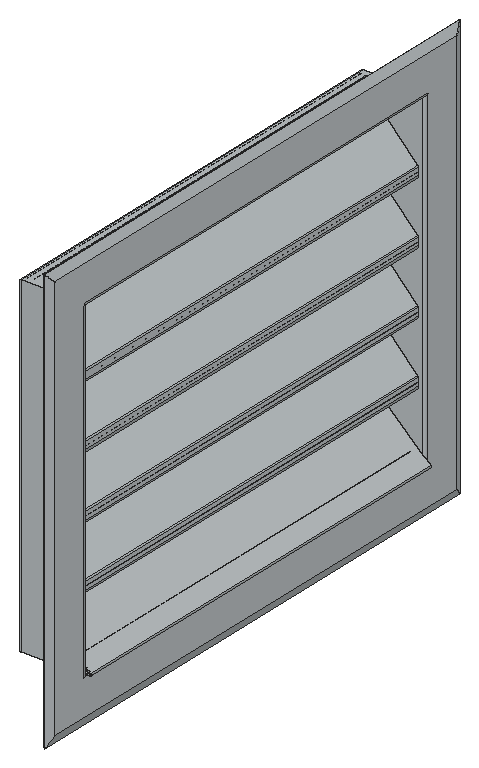
Revit family "NLRS_57_AIR_UN_steel_wheather_wall_louvre_bmxn_intake_LT_sacs", category Air Terminals, Revit 2022
Family settings
  Round Connector Dimension = Use Diameter
  Part Type = Normal
  OmniClass Number = 23.75.70.21.27.11
  OmniClass Title = Diffusers, Registers, and Grilles
  Work Plane-Based = No
  Always vertical = No
  Cut with Voids When Loaded = Yes
  Shared = No
  Room Calculation Point = Yes
Parameters (values of type "BMXNGO")
  Type Comments = ""
  SACS_c01_width [instance] = if(SACS_Allow_custom_size, if(not(SACS_Width > 4000.00 mm), roundup(SACS_Width / 5.00 mm) * 5.00 mm, 4000.00 mm), SACS_Price_Width)  # 425.00 mm
  SACS_c01_height [instance] = if(SACS_Allow_custom_size, if(not(SACS_Height > 2025.00 mm), if(not(SACS_Height < 205.00 mm), roundup(SACS_Height / 5.00 mm) * 5.00 mm, 205.00 mm), 2025.00 mm), SACS_Price_Height)  # 325.00 mm
  SACS_Z_Offset [instance] = (60.00 mm * (SACS_Index_Rows)) - 7.00 mm  # 233.00 mm
  SACS_Width [instance] = 425.00 mm
  SACS_Warning_Text_Sound [instance] = if(SACS_Warning_Sound, "Sound over requested value", " ")  # " "
  SACS_Warning_Text_Size [instance] = if(SACS_Warning_Size, if(SACS_Subindex = 3, "Unallowed size selected", "Special size: extra setup cost €46 per size, per order"), " ")  # " "
  SACS_Warning_Text_Ploss [instance] = if(SACS_Warning_Ploss, "Total Pressure loss over requested value", " ")  # " "
  SACS_Warning_Text_Other [instance] = if(and(not(SACS_Standard_RAL), not([Color option (0-4)] = 2)), "Colorchange € 157,-- per delivery and per color", " ")  # " "
  SACS_Warning_Text_Flow [instance] = if(SACS_Warning_Flow, "Air velocity over maximum advised value", " ")  # " "
  SACS_Warning_Sound [instance] = if(SACS_Lp_dBA > SACS_Max_Lp_dBA, 1 = 1, 1 = 0)  # no
  SACS_Warning_Size [instance] = SACS_Subindex > 1  # no
  SACS_Warning_Sign [instance] = if(and(not(SACS_Warning_Disabled), or(SACS_Warning_Flow, SACS_Warning_Ploss, SACS_Warning_Size, SACS_Warning_Sound)), 1 = 1, 1 = 0)  # no
  SACS_Warning_Ploss [instance] = if(NLRS_M_c01_drukverlies_statisch > SACS_Max_Ploss, 1 = 1, 1 = 0)  # no
  SACS_Warning_Flow [instance] = if(SACS_Air_Velocity > 2.5 m/s, 1 = 1, 1 = 0)  # no
  SACS_Warning_Disabled [instance] = no
  SACS_Type_Mark [instance] = ""
  SACS_Subindex [instance] = if(and(SACS_Width = SACS_Price_Width, SACS_Height = SACS_Price_Height), 0, if(and(SACS_Allow_custom_size, SACS_Width = SACS_c01_width, SACS_Height = SACS_c01_height), 1, if(SACS_Allow_custom_size, 2, 3)))  # 0
  SACS_Standard_RAL [instance] = [Color option (0-4)] < 1  # yes
  SACS_Size_Check [instance] = if(SACS_Subindex = 0, "Standard size", if(SACS_Subindex = 1, "Custom size", if(SACS_Subindex = 2, "Corrected custom size (allowed size steps are 5mm)", "Custom sizes are disabled!")))  # "Standard size"
  SACS_Show_Part_3 [instance] = (SACS_c01_height - 10.00 mm) = round((SACS_c01_height - 10.00 mm) / 60.00 mm) * 60.00 mm  # no
  SACS_Show_Part_2 [instance] = and(not(SACS_Show_Part_1), not(SACS_Show_Part_3), not((SACS_c01_height - 25.00 mm) = round((SACS_c01_height - 25.00 mm) / 60.00 mm) * 60.00 mm))  # no
  SACS_Show_Part_1 [instance] = (SACS_c01_height - 20.00 mm) = round((SACS_c01_height - 20.00 mm) / 60.00 mm) * 60.00 mm  # no
  SACS_Show_Arrow [instance] = yes
  SACS_Ps_Calculation [instance] = round(if(SACS_Air_Flow > 0.0 m³/h, (((SACS_Air_Flow / 3600.0 m³/h) / (SACS_Calculation_1 / 10000) / 0.54) ^ 2) * 0.6, 0) * 10) / 10  # 0
  SACS_Product_Cost [instance] = if(and(SACS_c01_width = SACS_Price_Width, SACS_c01_height = SACS_Price_Height), size_lookup(SACS_Data_Hidden, "Cost", 0, SACS_Base_Index * 1.00 mm, SACS_Price_Width, SACS_Price_Height), roundup(size_lookup(SACS_Data_Hidden, "Cost", 0, SACS_Base_Index * 1.00 mm, SACS_Price_Width, SACS_Price_Height) * 1.1))  # 121
  SACS_Price_Width [instance] = if(SACS_Width > 1825.00 mm, 2025.00 mm, if(SACS_Width > 1625.00 mm, 1825.00 mm, if(SACS_Width > 1425.00 mm, 1625.00 mm, if(SACS_Width > 1225.00 mm, 1425.00 mm, if(SACS_Width > 1025.00 mm, 1225.00 mm, if(SACS_Width > 825.00 mm, 1025.00 mm, if(SACS_Width > 625.00 mm, 825.00 mm, if(SACS_Width > 425.00 mm, 625.00 mm, 425.00 mm))))))))  # 425.00 mm
  SACS_Price_Height [instance] = if(SACS_Height > 1825.00 mm, 2025.00 mm, if(SACS_Height > 1625.00 mm, 1825.00 mm, if(SACS_Height > 1425.00 mm, 1625.00 mm, if(SACS_Height > 1225.00 mm, 1425.00 mm, if(SACS_Height > 1025.00 mm, 1225.00 mm, if(SACS_Height > 825.00 mm, 1025.00 mm, if(SACS_Height > 525.00 mm, 825.00 mm, if(SACS_Height > 325.00 mm, 525.00 mm, 325.00 mm))))))))  # 325.00 mm
  SACS_Price_Date [instance] = size_lookup(SACS_Data_Hidden, "Date", "NB", SACS_Base_Index * 1.00 mm, SACS_c01_width, SACS_c01_height)  # "1-4-2025"
  SACS_Option_5 [instance] = if([Color option (0-4)] < 3, SACS_Color, if(SACS_Non_Standard_RAL, "Custom RAL color", "Custom not RAL color"))  # "Sendzimir galvanised"
  SACS_Option_3 [instance] = if(or(SACS_Base_Index = 2, SACS_Base_Index = 4), "I = Mounting frame", "O = None")  # "O = None"
  SACS_Option_2 [instance] = if(SACS_Base_Index < 3, "G = Galvanised wire mesh", "S = Stainless steel wire mesh")  # "G = Galvanised wire mesh"
  SACS_Option_1 [instance] = "BMXN = With 45mm flange"  # constant formula
  SACS_Non_Standard_RAL [instance] = and([Color option (0-4)] > 0, [Color option (0-4)] < 4)  # no
  SACS_Model [instance] = if(or(SACS_Subindex = 1, SACS_Subindex = 2), size_lookup(SACS_Data_Hidden, "", "NB", SACS_Base_Index * 1.00 mm), size_lookup(SACS_Data_Hidden, "Model", "NB", SACS_Base_Index * 1.00 mm, SACS_c01_width, SACS_c01_height))  # "BMXNGO 425x325"
  SACS_Max_Ploss [instance] = 100.0 Pa
  SACS_Max_Lp_dBA [instance] = 45
  SACS_Lp_dBA [instance] = if(SACS_Lp_Calculation > 0, SACS_Lp_Calculation, 0)  # 0
  SACS_Lp_Calculation [instance] = if(SACS_Air_Flow > 0.0 m³/h, round((53 + (10 * (log(SACS_Calculation_1 / 20000) / log(10)))) + (60 * (log((((NLRS_M_c01_debiet / 3600.0 m³/h) / (SACS_Calculation_1 / 10000) / 0.54)) / 9.22) / log(10)))), 0)  # 0
  SACS_Logo_Z [instance] = if(or(SACS_Base_Index = 1, SACS_Base_Index = 3), -4.50 mm, -1.00 mm)  # -4.50 mm
  SACS_Index_Rows [instance] = rounddown((SACS_c01_height - 85.00 mm) / 60.00 mm)  # 4
  SACS_Hidden_Text [instance] = if(SACS_Non_Standard_RAL, "RALCost", "OtherCost")  # "OtherCost"
  SACS_Height [instance] = 325.00 mm
  SACS_Gross_Cost [instance] = if(or(SACS_Height > 2025.00 mm, SACS_Width > 2025.00 mm), 0, SACS_Product_Cost + SACS_Color_Cost)  # 121
  SACS_Free_Area [instance] = round(SACS_Calculation_1) * 100 mm²  # 38600 mm²
  SACS_Frame_1 [instance] = if(or(SACS_Base_Index = 2, SACS_Base_Index = 4), 1 = 1, 1 = 0)  # no
  SACS_Fill_Length [instance] = if(SACS_c01_height - 85.00 mm - SACS_Z_Offset > 0.00 mm, SACS_c01_height - 85.00 mm - SACS_Z_Offset, 1.00 mm)  # 7.00 mm
  SACS_Factor_NDF6 = -9490576.0071
  SACS_Factor_NDF5 = -53981.1776
  SACS_Factor_NDF4 = -607410.4408
  SACS_Factor_NDF3 = 4876.6678
  SACS_Factor_NDF2 = -2064081.7344
  SACS_Factor_NDF1 = -228.4752
  SACS_Face_Color [instance] = NLRS_57_sendzimir verzinkt_gen_sacs
  SACS_DbA_Text = " dB(A)"  # constant formula
  SACS_Data_Hidden = "BMX"  # constant formula
  SACS_Custom_Color [instance] = ""
  SACS_Color_Cost [instance] = if(SACS_Standard_RAL, 0, size_lookup(SACS_Data_Hidden, SACS_Hidden_Text, 0, SACS_Base_Index * 1.00 mm, SACS_Price_Width, SACS_Price_Height))  # 0
  SACS_Color [instance] = if([Color option (0-4)] < 1, "Sendzimir galvanised", if([Color option (0-4)] = 1, "RAL9016-30", if([Color option (0-4)] = 2, "RAL9016-70", SACS_Custom_Color)))  # "Sendzimir galvanised"
  SACS_Calculation_3 [instance] = if(SACS_Calculation_2 * 60.00 mm + 79.00 mm > SACS_c01_height - 26.00 mm, SACS_Calculation_2 - 1, SACS_Calculation_2)  # 4
  SACS_Calculation_2 [instance] = rounddown((SACS_c01_height - 20.00 mm) / 60.00 mm)  # 5
  SACS_Calculation_1 [instance] = round(((((SACS_Factor_NDF1 * (SACS_c01_width / 1000.00 mm) ^ 2) + (SACS_Factor_NDF2 * (SACS_c01_height / 1000.00 mm) ^ 2)) / 100000) + (((SACS_Factor_NDF4 * (SACS_c01_width / 1000.00 mm)) + (SACS_Factor_NDF5 * (SACS_c01_height / 1000.00 mm))) / 1000) + (SACS_Factor_NDF3 * (SACS_c01_width / 1000.00 mm) * (SACS_c01_height / 1000.00 mm)) + (SACS_Factor_NDF6 / 1000 ^ 2)) * 10) / 10  # 386.2
  SACS_Base_Index = 1
  SACS_Air_Velocity [instance] = (NLRS_M_c01_debiet / SACS_Free_Area)  # 0.0 m/s
  SACS_Air_Flow [instance] = if(NLRS_M_c01_debiet < 0.0 m³/h, NLRS_M_c01_debiet * -1, NLRS_M_c01_debiet)  # 0.0 m³/h
  SACS_Allow_custom_size [instance] = no
  NLRS_M_c01_hoogte [instance] = SACS_c01_height  # 325.00 mm
  NLRS_M_c01_drukverlies_statisch [instance] = round(if(SACS_Ps_Calculation > 0, SACS_Ps_Calculation, 0)) * 1.0 Pa  # 0.0 Pa
  NLRS_M_c01_debiet [instance] = 0.0 m³/h
  NLRS_M_c01_breedte [instance] = SACS_c01_width  # 425.00 mm
  NLRS_C_model [instance] = SACS_Model  # "BMXNGO 425x325"
  NLRS_C_materiaal_kleur [instance] = SACS_Color  # "Sendzimir galvanised"
  NLRS_C_gtin_code [instance] = size_lookup(SACS_Data_Hidden, "GTIN", "NB", SACS_Base_Index * 1.00 mm, SACS_c01_width, SACS_c01_height)  # "8720238035606"
  NLRS_C_description = Description  # "Solid Air weather louvre BMX (air intake)"
  NLRS_C_content_versie = "4.22.01"  # constant formula
  NLRS_C_content_provider = "Solid Air Climate Solutions"  # constant formula
  NLRS_C_content_datum_uitgifte = "09-10-2025"  # constant formula
  NLRS_C_content_creator = "J. Feeke"  # constant formula
  NLRS_C_artikel_code [instance] = size_lookup(SACS_Data_Hidden, "Artikelcode", "NB", SACS_Base_Index * 1.00 mm, SACS_c01_width, SACS_c01_height)  # "8601000000"
  LoadBearing = 1 = 0  # no
  IsExternal = 1 = 0  # no
  URL = "https://solid-air.nl/producten/solid-air-buitenluchtrooster-bmxn-bmxt-staal/"
  Model = "Weather louvre"  # constant formula
  Min Flow = 0.0 m³/h
  Max Flow = 0.0 m³/h
  Manufacturer = "Solid Air Climate Systems"  # constant formula
  IfcExportType = "LOUVRE"  # constant formula
  IfcExportAs = "IfcAirTerminal"  # constant formula
  IfcDescription = Description  # "Solid Air weather louvre BMX (air intake)"
  FireRating = "0"  # constant formula
  Description = "Solid Air weather louvre BMX (air intake)"  # constant formula
  Default Elevation = 0.00 mm
  Color option (0-4) [instance] = 0
  Assembly Code = "57.0"
Types (4, lengths in mm): name | SACS_Product_Cost | SACS_Option_3 | SACS_Option_2 | SACS_Model | SACS_Logo_Z | SACS_Gross_Cost | SACS_Free_Area | SACS_Frame_1 | SACS_Factor_NDF6 | SACS_Factor_NDF5 | SACS_Factor_NDF4 | SACS_Factor_NDF3 | SACS_Factor_NDF2 | SACS_Factor_NDF1 | SACS_Calculation_1 | SACS_Base_Index | NLRS_C_model | NLRS_C_gtin_code | NLRS_C_artikel_code
  BMXNGO | 121 | "O = None" | "G = Galvanised wire mesh" | "BMXNGO 425x325" | -4.50 | 121 | 38600 mm² | no | -9490576.0071 | -53981.1776 | -607410.4408 | 4876.6678 | -2064081.7344 | -228.4752 | 386.2 | 1 | "BMXNGO 425x325" | "8720238035606" | "8601000000"
  BMXNGI | 205 | "I = Mounting frame" | "G = Galvanised wire mesh" | "BMXNGI 425x325" | -1.00 | 205 | 38600 mm² | yes | -9490576.0071 | -53981.1776 | -607410.4408 | 4876.6678 | -2064081.7344 | -228.4752 | 386.2 | 2 | "BMXNGI 425x325" | "8720238036412" | "8601000081"
  BMXNSO | 138 | "O = None" | "S = Stainless steel wire mesh" | "BMXNSO 425x325" | -4.50 | 138 | 29000 mm² | no | -7111434.0552 | -40514.598 | -455554.5472 | 3657.4971 | -1547154.9137 | 270.5628 | 289.7 | 3 | "BMXNSO 425x325" | "8720238037228" | "8601000162"
  BMXNSI | 222 | "I = Mounting frame" | "S = Stainless steel wire mesh" | "BMXNSI 425x325" | -1.00 | 222 | 29000 mm² | yes | -7111434.0552 | -40514.598 | -455554.5472 | 3657.4971 | -1547154.9137 | 270.5628 | 289.7 | 4 | "BMXNSI 425x325" | "8720238038041" | "8601000244"
Reference planes
  plane 1 "Center (Front/Back)": y = 0
  plane 2: z = 0
  plane 3 "Center (Left/Right)": x = 0
  plane 4 "top": z = 162.5
  plane 5: z = -162.5
  plane 6: y = -212.5
  plane 7: y = 212.5
  plane 8: y = 204
  plane 9: y = -204
  plane 10 "Bottom_Profile": z = -85
  plane 11: z = 159
  plane 12: z = -159
  plane 13: y = 202.5
  plane 14: y = -202.5
  plane 15 "LAMELLEN": x = -49
  plane 16 "Top_Lamel": z = 148
  plane 17: z = -25
  plane 18: z = 35
Forms (mm)
  Sweep 1, solid, material "NLRS_57_sendzimir verzinkt_gen_sacs" <- "SACS_Face_Color", detail levels medium+fine
    path in 3D
      loop
        line (0, -204, 159) -> (0, -204, -159) -> (0, 204, -159) -> (0, 204, 159) -> (0, -204, 159)
    profile "Profile_XN_R22 : Profile_XN_R22" origin (0, 0, 159) x (0, 0, -1) y (1, 0, 0)
      loop
        arc (0, -54.5) -> (0.732, -56.268) -> (2.5, -57) r 2.5
        line (2.5, -57) -> (15, -57) -> (15, -55.5) -> (3.25, -55.5)
        arc (3.25, -55.5) -> (2.013, -54.987) -> (1.5, -53.75) r 1.75
        line (1.5, -53.75) -> (1.5, 3.5)
        arc (1.5, 3.5) -> (0.768, 5.268) -> (-1, 6) r 2.5
        line (-1, 6) -> (-35.28, 6) -> (-43.502, 2.339) -> (-42.892, 0.969) -> (-34.961, 4.5) -> (-1.75, 4.5)
        arc (-1.75, 4.5) -> (-0.513, 3.987) -> (0, 2.75) r 1.75
        line (0, 2.75) -> (0, -54.5)
  Sweep 2, solid, material "NLRS_57_sendzimir verzinkt_gen_sacs" <- "SACS_Face_Color", detail levels medium+fine
    path in 3D
      loop
        line (-49, -202.5, -85) -> (-49, 202.5, -85)
    profile "Profile_BMX_Bottom_Lamel_R22 : Profile_BMX_Bottom_Lamel_R22" origin (-49, 0, -85) x (0, 0, 1) y (1, 0, 0)
      loop
        line (-0.482, -1.941) -> (-17.726, 2.346)
        arc (-17.726, 2.346) -> (-18.808, 2.791) -> (-19.715, 3.531) r 4
        line (-19.715, 3.531) -> (-70.982, 59.695)
        arc (-70.982, 59.695) -> (-72.154, 59.922) -> (-72.708, 58.864) r 1
        line (-72.708, 58.864) -> (-69.963, 41.531)
        arc (-69.963, 41.531) -> (-64.122, 41.153) -> (-69.236, 44) r 3
        line (-69.236, 44) -> (-68.491, 43.333)
        arc (-68.491, 43.333) -> (-65.081, 41.435) -> (-68.975, 41.687) r 2
        line (-68.975, 41.687) -> (-71.721, 59.021) -> (-20.25, 2.633)
        arc (-20.25, 2.633) -> (-19.343, 1.894) -> (-18.261, 1.448) r 4
        line (-18.261, 1.448) -> (-0.724, -2.911)
        arc (-0.724, -2.911) -> (2.007, 2.23) -> (-2.819, -1.026) r 3
        line (-2.819, -1.026) -> (-1.879, -0.684)
        arc (-1.879, -0.684) -> (1.338, 1.487) -> (-0.482, -1.941) r 2
  Extrusion 3, solid, not visible
    sketch origin (0, 0, 0) x (1, 0, 0) y (0, 1, 0)
      loop
        line (-49, 0.489) -> (-49, -0.489) -> (0, -0.489) -> (0, 0.489) -> (-49, 0.489)
    from -0.5 to 0.5
  Sweep 4, solid, material "NLRS_57_sendzimir verzinkt_gen_sacs", visible <- "SACS_Frame_1", detail levels medium+fine
    path in 3D
      loop
        line (0, -212.5, -162.5) -> (0, 212.5, -162.5) -> (0, 212.5, 162.5) -> (0, -212.5, 162.5) -> (0, -212.5, -162.5)
    profile "Profile_BM_I : Profile_BM_I" origin (0, -212.5, 0) x (0, 1, 0) y (1, 0, 0)
      loop
        line (-25, 2) -> (-25, 0) -> (0, 0) -> (0, -58) -> (2, -58) -> (2, 2) -> (-25, 2)
  Sweep 5, solid, material "NLRS_57_sendzimir verzinkt_gen_sacs" <- "SACS_Face_Color", visible <- "SACS_Show_Part_1", detail levels medium+fine
    path in 3D
      loop
        line (-49, 202.5, 148) -> (-49, -202.5, 148)
    profile "Profile_BMX_Top_Lamel_R22 : Profile_BMX_Top_Lamel_R22" origin (-49, 0, 148) x (1, 0, 0) y (0, 0, 1)
      loop
        arc (46.763, 2.427) -> (42.327, -1.362) -> (48, 0) r 3
        line (48, 0) -> (48, 7.19)
        arc (48, 7.19) -> (47.853, 7.941) -> (47.435, 8.582) r 2
        line (47.435, 8.582) -> (-1.905, 59.303)
        arc (-1.905, 59.303) -> (-2.11, 60.389) -> (-1.188, 61) r 1
        line (-1.188, 61) -> (4.674, 61)
        arc (4.674, 61) -> (6.088, 57.586) -> (2.674, 59) r 2
        line (2.674, 59) -> (1.674, 59)
        arc (1.674, 59) -> (6.795, 56.879) -> (4.674, 62) r 3
        line (4.674, 62) -> (-1.182, 62)
        arc (-1.182, 62) -> (-3.025, 60.778) -> (-2.616, 58.605) r 2
        line (-2.616, 58.605) -> (46.434, 8.182)
        arc (46.434, 8.182) -> (46.853, 7.54) -> (47, 6.788) r 2
        line (47, 6.788) -> (47, 0)
        arc (47, 0) -> (43.218, -0.908) -> (46.176, 1.618) r 2
        line (46.176, 1.618) -> (46.763, 2.427)
  Sweep 6, solid, material "NLRS_57_sendzimir verzinkt_gen_sacs" <- "SACS_Face_Color", visible <- "SACS_Show_Part_2"
    path in 3D
      loop
        line (-49, 202.5, 148) -> (-49, -202.5, 148)
    profile "Profile_BMX_ALT_Top_Lamel_R22 : Profile_BMX_ALT_Top_Lamel_R22" origin (-49, 0, 148) x (1, 0, 0) y (0, 0, 1)
      loop
        arc (46.763, 2.427) -> (42.327, -1.362) -> (48, 0) r 3
        line (48, 0) -> (48, 7.19)
        arc (48, 7.19) -> (47.853, 7.941) -> (47.435, 8.582) r 2
        line (47.435, 8.582) -> (46.159, 9.895)
        arc (46.159, 9.895) -> (45.503, 10.342) -> (44.725, 10.5) r 2
        line (44.725, 10.5) -> (-3, 10.5) -> (-3, 9.5) -> (44.624, 9.5)
        arc (44.624, 9.5) -> (45.11, 9.402) -> (45.52, 9.122) r 1.25
        line (45.52, 9.122) -> (46.434, 8.182)
        arc (46.434, 8.182) -> (46.853, 7.54) -> (47, 6.788) r 2
        line (47, 6.788) -> (47, 0)
        arc (47, 0) -> (43.218, -0.908) -> (46.176, 1.618) r 2
        line (46.176, 1.618) -> (46.763, 2.427)
  Sweep 7, solid, material "NLRS_57_sendzimir verzinkt_gen_sacs", visible <- "SACS_Show_Part_3"
    path in 3D
      loop
        line (-49, 202.5, 148) -> (-49, -202.5, 148)
    profile "Profile_BMX_ALT2_Top_Lamel_R22 : Profile_BMX_ALT2_Top_Lamel_R22" origin (-49, 0, 148) x (1, 0, 0) y (0, 0, 1)
      loop
        arc (46.763, 2.427) -> (42.327, -1.362) -> (48, 0) r 3
        line (48, 0) -> (48, 7.19)
        arc (48, 7.19) -> (47.853, 7.942) -> (47.434, 8.584) r 2
        line (47.434, 8.584) -> (7.033, 50.115)
        arc (7.033, 50.115) -> (4.478, 50.376) -> (3.772, 47.907) r 2
        line (3.772, 47.907) -> (7.04, 40.567) -> (4.312, 33.074)
        arc (4.312, 33.074) -> (0.59, 33.534) -> (3.712, 35.612) r 2
        line (3.712, 35.612) -> (4.3, 36.421)
        arc (4.3, 36.421) -> (-0.374, 33.269) -> (5.232, 32.677) r 3
        line (5.232, 32.677) -> (7.841, 39.846)
        arc (7.841, 39.846) -> (7.961, 40.599) -> (7.789, 41.343) r 2
        line (7.789, 41.343) -> (4.681, 48.324)
        arc (4.681, 48.324) -> (5.034, 49.559) -> (6.311, 49.428) r 1
        line (6.311, 49.428) -> (46.434, 8.182)
        arc (46.434, 8.182) -> (46.853, 7.54) -> (47, 6.788) r 2
        line (47, 6.788) -> (47, 0)
        arc (47, 0) -> (43.218, -0.908) -> (46.176, 1.618) r 2
        line (46.176, 1.618) -> (46.763, 2.427)
Lines and regions (mm)
  model lines, not visible
    curve 1: line (0, 204, 159) -> (0, -204, 159)
    curve 2: line (0, 204, -159) -> (0, 204, 159)
    curve 3: line (0, -204, -159) -> (0, 204, -159)
    curve 4: line (0, -204, 159) -> (0, -204, -159)
    curve 9: line (-49, -202.5, 153.5) -> (-49, 202.5, 153.5)
    curve 10: line (-49, -202.5, -85) -> (-49, 202.5, -85)
    curve 12: line (0, 212.5, 162.5) -> (0, -212.5, 162.5)
    curve 13: line (0, 212.5, -162.5) -> (0, 212.5, 162.5)
    curve 14: line (0, -212.5, -162.5) -> (0, 212.5, -162.5)
    curve 15: line (0, -212.5, 162.5) -> (0, -212.5, -162.5)
    curve 20: line (-49, 202.5, 148) -> (-49, -202.5, 148)
  sketch lines
    curve 5: line (0, 204, 159) -> (0, -204, 159)
    curve 6: line (0, 204, -159) -> (0, 204, 159)
    curve 7: line (0, -204, -159) -> (0, 204, -159)
    curve 8: line (0, -204, 159) -> (0, -204, -159)
    curve 11: line (-49, -202.5, -85) -> (-49, 202.5, -85)
    curve 16: line (0, -212.5, 162.5) -> (0, -212.5, -162.5)
    curve 17: line (0, -212.5, -162.5) -> (0, 212.5, -162.5)
    curve 18: line (0, 212.5, -162.5) -> (0, 212.5, 162.5)
    curve 19: line (0, 212.5, 162.5) -> (0, -212.5, 162.5)
    curve 21: line (-49, 202.5, 148) -> (-49, -202.5, 148)
    curve 22: line (-49, 202.5, 148) -> (-49, -202.5, 148)
    curve 23: line (-49, 202.5, 148) -> (-49, -202.5, 148)
Dimensions and locks
  equal spacing: plane 7, plane 1 "Center (Front/Back)", plane 6
  equal spacing: plane 5, level, plane 4 "top"
  "SACS_c01_height": plane 4 "top" to plane 5
  "SACS_c01_width": plane 7 to plane 6
  locked: plane 7 to plane 8 at 8.5
  locked: plane 9 to plane 6 at 8.5
  locked: plane 10 "Bottom_Profile" to plane 12 at 74
  locked: plane 4 "top" to plane 11 at 3.5
  locked: plane 12 to plane 5 at 3.5
  locked: plane 8 to plane 13 at 1.5
  locked: plane 14 to plane 9 at 1.5
  plane 3 "Center (Left/Right)" to plane 15 "LAMELLEN" = 49.00 mm
  equal spacing: Extrusion 3 sketch curve, plane 1 "Center (Front/Back)", Extrusion 3 sketch curve
  Extrusion 3 sketch curve to Extrusion 3 sketch curve = 0.977 mm
  "SACS_Z_Offset": plane 16 "Top_Lamel" to plane 10 "Bottom_Profile"
  equal spacing: group 1, group 2, group 3, group 4  (x3)
  locked: plane 17 to plane 10 "Bottom_Profile" at 60
  locked: plane 18 to plane 17 at 60
  plane 9 to plane 8 = 408.00 mm
  plane 11 to plane 12 = 318.00 mm
  plane 10 "Bottom_Profile" to plane 12 = 74.00 mm
  plane 16 "Top_Lamel" to plane 10 "Bottom_Profile" = 233.00 mm
  aligned and locked: level to plane 2
  aligned and locked: curve 4 to plane 9
  aligned and locked: curve 1 to plane 11
  aligned and locked: plane 12 to curve 3
  aligned and locked: plane 14 to curve 9
  aligned and locked: plane 13 to curve 9
  aligned and locked: plane 14 to curve 10
  aligned and locked: plane 13 to curve 10
  aligned and locked: plane 15 "LAMELLEN" to Extrusion 3 sketch curve
  aligned and locked: curve 12 to plane 4 "top"
  aligned and locked: plane 7 to curve 13
  aligned and locked: curve 15 to plane 6
  aligned and locked: plane 5 to curve 14
  aligned and locked: plane 15 "LAMELLEN" to nested 2
  aligned and locked: plane 17 to nested 2
  aligned and locked: plane 18 to nested 3
  aligned and locked: nested 1 to plane 1 "Center (Front/Back)"
  aligned and locked: nested 4 to plane 3 "Center (Left/Right)"
  aligned and locked: nested 5 to plane 3 "Center (Left/Right)"
  aligned and locked: plane 13 to curve 20
  aligned and locked: plane 14 to curve 20
  aligned and locked: curve 20 to plane 15 "LAMELLEN"
Automatic sketch dimensions
  plane 3 "Center (Left/Right)" to Extrusion 3 sketch curve = 0.00 mm
  curve 2 to plane 8 = 0.00 mm
  curve 9 to plane 11 = 5.50 mm
  curve 10 to plane 10 "Bottom_Profile" = 0.00 mm
Nested families
  nested 1: "logo_SACS" at (-30.213, 0, 158) x (0, 1, 0) z (0, 0, 1), built-in parameter 1001364 <- "SACS_Logo_Z", type "logo_SACS", detail levels medium+fine
  nested 2: "BMX_Lamel_R22" at (-49, 0, -25), type "BMX_Lamel_R22", detail levels medium+fine
    with Width 405.00 mm, BMX_Width 425.00 mm
  nested 3: "BMX_Lamel_R22" at (-49, 0, 35), type "BMX_Lamel_R22", detail levels medium+fine
    with Width 405.00 mm, BMX_Width 425.00 mm
  nested 4: "symbol_intake_single_arrow" at (-29, 0, 0), type "Top"
    with Width 425.00 mm
  nested 5: "symbol_intake_single_arrow" at (-29, 0, 0) x (1, 0, 0) z (0, -1, 0), type "Side"
    with Width 325.00 mm
  nested 6: "BMX_Lamel_R22" at (-49, 0, 95), type "BMX_Lamel_R22", detail levels medium+fine
    with Width 405.00 mm, BMX_Width 425.00 mm
  nested 7: "BMX_Lamel_R22" at (-49, 0, 155), type "BMX_Lamel_R22", detail levels medium+fine
    with Width 405.00 mm, BMX_Width 425.00 mm
Connectors
  hvac at (0, 0, 0), driven by "SACS_c01_height", driven by "SACS_c01_width", driven by "NLRS_M_c01_drukverlies_statisch", driven by "NLRS_M_c01_debiet"
    settings: on Extrusion 3, index 1, duct flow 0.0 m³/h, flow factor 0, pres drop 0.0 Pa, loss coef 0, conn angle 0.00°, conn width 425 mm, conn height 325 mm, conn diameter 609.6 mm, duct sys type 1, conn prof type 1, flow config 1, flow direction 2, loss method 4, conn ref index -1, conn util no, is conn primary yes, conn desc ""
Definition of nested family "logo_SACS"
  Parameters (values of type "logo_SACS")
    Scale = 5.00 mm
    Model = "LOD 400"
    Height = 1.50 mm
    Description = "Model type"
    Default Elevation = 1219.20 mm
  Reference planes
    plane 1 "Center (Front/Back)": y = 0
    plane 2: z = 0
    plane 3 "Center (Left/Right)": x = 0
    plane 4: z = 1.5
    plane 5: x = -10
    plane 6: y = -5
    plane 7: y = 5
    plane 8: x = -5
    plane 9: x = 5
    plane 10: x = 10
  Forms (mm)
    Extrusion 1, solid
      sketch origin (-547.644, -297.937, 0) x (1, 0, 0) y (0, 1, 0)
        loop
          arc (542.644, 302.937) -> (537.644, 297.937) -> (542.644, 292.937) r 5
          line (542.644, 292.937) -> (542.644, 297.937) -> (547.644, 292.937) -> (547.644, 297.937) -> (542.644, 302.937)
      from 0 to 1.5
    Extrusion 2, solid
      sketch origin (0, 0, 0) x (1, 0, 0) y (0, 1, 0)
        loop
          arc (5, -5) -> (10, 0) -> (5, 5) r 5
          line (5, 5) -> (5, 0) -> (0, 5) -> (0, 0) -> (5, -5)
      from 0 to 1.5
  Dimensions and locks
    "Scale": plane 7 to plane 1 "Center (Front/Back)"
    "Scale": plane 6 to plane 1 "Center (Front/Back)"
    "Scale": plane 5 to plane 8
    "Scale": plane 8 to plane 3 "Center (Left/Right)"
    "Scale": plane 3 "Center (Left/Right)" to plane 9
    "Scale": plane 9 to plane 10
    "Height": plane 4 to level
    aligned and locked: level to plane 2
    aligned and locked: plane 4 to Extrusion 1
    aligned and locked: plane 4 to Extrusion 2
  Automatic sketch dimensions
    plane 1 "Center (Front/Back)" to Extrusion 1 sketch curve = 0.00 mm  (x3)
    Extrusion 1 sketch curve to plane 8 = 0.00 mm
    Extrusion 1 sketch curve to plane 7 = 0.00 mm
    Extrusion 1 sketch curve to plane 3 "Center (Left/Right)" = 0.00 mm
    Extrusion 1 sketch curve to plane 6 = 0.00 mm
    Extrusion 2 sketch curve to plane 3 "Center (Left/Right)" = 0.00 mm
    plane 1 "Center (Front/Back)" to Extrusion 2 sketch curve = 0.00 mm  (x3)
    Extrusion 2 sketch curve to plane 6 = 0.00 mm
    Extrusion 2 sketch curve to plane 9 = 0.00 mm
    Extrusion 2 sketch curve to plane 7 = 0.00 mm
Definition of nested family "BMX_Lamel_R22"
  Parameters (values of type "BMX_Lamel_R22")
    material = none
    Width = BMX_Width - 20.00 mm  # 480.00 mm
    Type Comments = "(c) 2025"  # constant formula
    Model = "Lamel for BMX"  # constant formula
    Manufacturer = "Solid Air Climate Systems"  # constant formula
    Description = "Last updated: 01-10-2025"  # constant formula
    Default Elevation = 0.00 mm
    BMX_Width = 500.00 mm
  Reference planes
    plane 1 "Center (Front/Back)": y = 0
    plane 2: z = 0
    plane 3 "Center (Left/Right)": x = 0
    plane 4: y = 240
    plane 5: y = -240
  Forms (mm)
    Sweep 1, solid, material <- "material", detail levels medium+fine
      path in 3D
        loop
          line (0, 240, 0) -> (0, -240, 0)
      profile "Profile_BMX_Lamel_R22 : Profile_BMX_Lamel_R22" origin (0, 0, 0) x (1, 0, 0) y (0, 0, 1)
        loop
          arc (46.763, -64.573) -> (42.327, -68.362) -> (48, -67) r 3
          line (48, -67) -> (48, -59.812)
          arc (48, -59.812) -> (47.853, -59.06) -> (47.434, -58.418) r 2
          line (47.434, -58.418) -> (-1.434, -8.182)
          arc (-1.434, -8.182) -> (-1.853, -7.54) -> (-2, -6.788) r 2
          line (-2, -6.788) -> (-2, 0)
          arc (-2, 0) -> (1.798, 0.877) -> (-1.231, -1.576) r 2
          line (-1.231, -1.576) -> (-1.847, -2.364)
          arc (-1.847, -2.364) -> (2.696, 1.315) -> (-3, 0) r 3
          line (-3, 0) -> (-3, -7.188)
          arc (-3, -7.188) -> (-2.853, -7.94) -> (-2.434, -8.582) r 2
          line (-2.434, -8.582) -> (46.434, -58.818)
          arc (46.434, -58.818) -> (46.853, -59.46) -> (47, -60.212) r 2
          line (47, -60.212) -> (47, -67)
          arc (47, -67) -> (43.218, -67.908) -> (46.176, -65.382) r 2
          line (46.176, -65.382) -> (46.763, -64.573)
  Lines and regions (mm)
    model lines
      curve 1: line (0, 240, 0) -> (0, -240, 0)
    sketch lines
      curve 2: line (0, 240, 0) -> (0, -240, 0)
    model lines, not visible
      curve 3: line (-2, 0, 0) -> (2, 0, 0)
  Dimensions and locks
    equal spacing: plane 4, plane 1 "Center (Front/Back)", plane 5
    "Width": plane 4 to plane 5
    aligned and locked: level to plane 2
    aligned and locked: plane 4 to curve 1
    aligned and locked: plane 5 to curve 1
  Automatic sketch dimensions
    curve 1 to plane 3 "Center (Left/Right)" = 0.00 mm
    curve 3 to level = 0.00 mm
    curve 3 to plane 3 "Center (Left/Right)" = 2.00 mm
    plane 3 "Center (Left/Right)" to curve 3 = 2.00 mm
Definition of nested family "symbol_intake_single_arrow"
  Parameters (values of type "Side")
    Width = 525.00 mm
    Symbol = yes
    Safe_Length = if(Length < 50.00 mm, 50.00 mm, Length)  # 58.00 mm
    Length = 58.00 mm
    Error = no
    Arrow = yes
  Types (2, lengths in mm): name | Width
    Side | 525.00
    Top | 625.00
  Reference planes
    plane 1 "Center (Front/Back)": y = 0
    plane 2: z = 0
    plane 3 "Center (Left/Right)": x = 0
    plane 4: x = -29
    plane 5: x = 29
    plane 6: y = -262.5
    plane 7: y = 262.5
    plane 8: x = 54
  Lines and regions (mm)
    Filled region 1, type "Solid Fill - Black", in view "Ref. Level", visible <- "Arrow"
      outline origin (246.928, 237.965, 0) x (0, -1, 0) y (1, 0, 0)
        loop
          line (237.965, -192.928) -> (267.965, -132.928) -> (207.965, -132.928) -> (237.965, -192.928)
    Filled region 2, type "Solid Fill - Black", in view "Ref. Level", visible <- "Arrow", not visible
      outline origin (246.928, 237.965, 0) x (0, -1, 0) y (1, 0, 0)
        loop
          line (237.965, -71.928) -> (267.965, -11.928) -> (207.965, -11.928) -> (237.965, -71.928)
    Filled region 3, type "Solid Fill - Red", in view "Ref. Level", visible <- "Error"
      outline origin (0, 0, 0) x (1, 0, 0) y (0, 1, 0)
        loop
          line (-25.8, 75) -> (-20, -12) -> (20, -12) -> (25.8, 75) -> (-25.8, 75)
        loop
          circle (0, -50) r 25
    detail lines, in view "Ref. Level", visible <- "Symbol", detail levels coarse
      curve 1: line (-29, 262.5, 0) -> (29, 262.5, 0)
      curve 2: line (-29, -262.5, 0) -> (-29, 262.5, 0)
      curve 3: line (29, -262.5, 0) -> (-29, -262.5, 0)
      curve 4: line (29, 262.5, 0) -> (29, -262.5, 0)
      curve 5: line (29, 262.5, 0) -> (-29, -262.5, 0)
      curve 8: line (-29, 262.5, 0) -> (29, -262.5, 0)
    detail lines, in view "Ref. Level", visible <- "Arrow"
      curve 6: line (229, 0, 0) -> (76.657, 0, 0)
    detail lines, in view "Ref. Level", visible <- "Arrow", not visible
      curve 7: line (350, 0, 0) -> (197.657, 0, 0)
  Dimensions and locks
    equal spacing: plane 7, plane 1 "Center (Front/Back)", plane 6
    "Width": plane 7 to plane 6
    equal spacing: plane 4, plane 3 "Center (Left/Right)", plane 5
    "Safe_Length": plane 4 to plane 5
    locked: plane 8 to Filled region 1
    locked: plane 5 to plane 8 at 25
    Filled region 3 sketch curve to Filled region 3 sketch curve = 51.60 mm  (x2)
    Filled region 3 sketch curve to Filled region 3 sketch curve = 40.00 mm  (x2)
    equal spacing: Filled region 3 sketch curve, plane 3 "Center (Left/Right)", Filled region 3 sketch curve  (x2)
    Filled region 3 sketch curve to plane 1 "Center (Front/Back)" to Filled region 3 sketch curve = 12.00 mm locked, 75.00 mm locked
    locked: Filled region 3 sketch curve to plane 1 "Center (Front/Back)" at 50
    diameter of Filled region 3 sketch curve = 50.00 mm
    aligned and locked: plane 4 to curve 2
    aligned and locked: curve 1 to plane 7
    aligned and locked: plane 6 to curve 3
    aligned and locked: curve 4 to plane 5
    aligned and locked: plane 3 "Center (Left/Right)" to Filled region 3 sketch curve
  Automatic sketch dimensions
    Filled region 1 sketch curve to Filled region 1 sketch curve = 60.00 mm  (x2)
    Filled region 1 sketch curve to Filled region 1 sketch curve = 30.00 mm
    Filled region 2 sketch curve to Filled region 2 sketch curve = 60.00 mm  (x2)
    Filled region 2 sketch curve to Filled region 2 sketch curve = 30.00 mm
